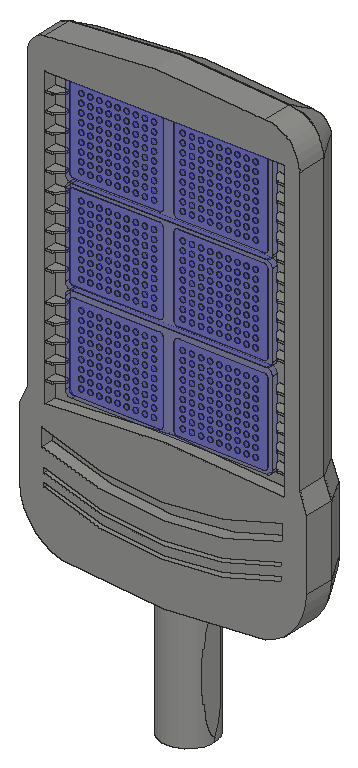
Revit family "VP-3-MAF", category Lighting Fixtures, host Face, Revit 2019
Family settings
  Host = Face
  Round Connector Dimension = Use Diameter
  Part Type = Normal
  OmniClass Number = 23.80.70.11.14.17
  OmniClass Title = Direct/Indirect
  Cut with Voids When Loaded = No
  Light Source = No
  Shared = Yes
  Room Calculation Point = No
Parameters (values of type "VP-3-MAF")
  Wattage Comments = "423 W"
  Warranty = "Five year warranty"  # constant formula
  Voltage = 120 V
  URL = "https://www.currentlighting.com/beacon"
  Type Comments = "Lighting Fixture"  # constant formula
  Product Page URL = "https://www.currentlighting.com/outdoor-lighting/viper-area-size-3/9606405"
  Product Documentation Link = "https://cdn.currentlighting.com/site/specsheet/BEA_VIPERSPEC.pdf"
  Power Factor = 0.9
  Name = "Viper Area Size 3"  # constant formula
  Model = "VP-3-MAF"
  Matt Grey = MATT GREY
  Matt Black = Matt Black
  Manufacturer = "Current Lighting"  # constant formula
  Load Classification = Lighting
  Light Output = 30846.00 cd/m²
  Lamp = "LED"  # constant formula
  Grey = Grey
  Glass = Glass
  Features = "Featuring two different optical technologies, Micro Strike and Strike Optics, which provide the best distribution patterns for retrofit or new construction\r\nVibration rated for high vibration applications including bridges and overpasses\r\nControl options including photo control, occupancy sensing, NX Lighting Controls, wiSCAPE and 7-Pin with networked controls\r\nMounting options include: Arm, Universal Arm, Adjustable Arm, Mast Arm, Decorative Arm, Knuckle, Trunnion, Wall\r\nDistribution options include: Auto Front Row, Type 2, Type 3, Type 4 Forward, Type 4 Wide, Type 5 Narrow, Type 5 Medium, Type 5 Wide, Type 5 Rectangular, Corner Optic, and Tennis Court\r\n\r\n"  # constant formula
  Copyright = "© 2022 Current Lighting"  # constant formula
  Cool Grey = Cool Grey
  Contact Us = "https://www.currentlighting.com/contact-us"
  Certification = "UL"  # constant formula
  Description = "The Viper is an extremely versatile area/site luminaire which blends design, performance, and technology for a variety of applications."  # constant formula
  Default Elevation = 48.00"
  Finish = Arctic White
  Matt White = Matt White
  CRI = "70"  # constant formula
  Brand = "Beacon"  # constant formula
  Assembly Code = "D5020200"
  Apparent Load = 423 VA
Reference planes (in)
  plane 1 "Center (Front/Back)": y = 6.16697
  plane 2: z = 0
  plane 3 "Center (Left/Right)": x = 0
  plane 4: z = 3.75
  plane 5: z = -4.44
  plane 6: x = -1.75
  plane 7: x = 1.75
  plane 8: y = 4.41697
  plane 9: y = 7.91697
  plane 10: z = 120
Lines and regions (in)
  reference lines
    curve 1: line (0, 14.42606, -3.25) -> (0, 17.42606, -0.25)
    curve 2: line (0, -2.09213, -3.25) -> (0, 14.42606, -3.25)
    curve 3: line (0, -5.09213, -0.25) -> (0, -2.09213, -3.25)
    curve 4: line (0, 14.42606, -3.25) -> (0, 17.42606, -0.25)
    curve 5: line (0, -5.09213, -0.25) -> (0, 17.42606, -0.25)
    curve 6: line (0, 17.17606, -0.77432) -> (0, 17.92606, -0.77432)
    curve 7: line (0, 17.17606, -1.52432) -> (0, 17.17606, -0.77432)
    curve 8: line (0, 16.69614, -1.52432) -> (0, 17.17606, -1.52432)
    curve 9: line (0, 14.92606, -4.25) -> (0, 16.69614, -1.52432)
    curve 10: line (0, -4.3622, -1.52432) -> (0, -2.59213, -4.25)
    curve 11: line (0, -4.84213, -1.52432) -> (0, -4.3622, -1.52432)
    curve 12: line (0, -4.84213, -0.77432) -> (0, -4.84213, -1.52432)
    curve 13: line (0, -5.59213, -0.77432) -> (0, -4.84213, -0.77432)
Dimensions and locks (in)
  plane 4 to plane 2 = 3.75"
  plane 8 to plane 9 = 3.50"
  equal spacing: plane 8, plane 1 "Center (Front/Back)", plane 9
  equal spacing: plane 6, plane 3 "Center (Left/Right)", plane 7
  plane 6 to plane 7 = 3.50"
  plane 10 to plane 2 = 120.00"
  aligned and locked: plane 2 to host face
  aligned and locked: level to host face
  aligned and locked: plane 3 "Center (Left/Right)" to nested 1
  aligned and locked: plane 1 "Center (Front/Back)" to nested 1
Automatic sketch dimensions
  host sketch curve to host sketch curve = 96.00"
  host sketch curve to host sketch curve = 85.00"
  curve 3 to level = 0.25"
  plane 8 to curve 3 = 9.50909"
  curve 3 to curve 12 = 0.25"
  curve 11 to curve 11 = 0.47992"
  curve 2 to plane 5 = 1.19"
  curve 10 to curve 2 = 2.27008"
  curve 1 to plane 9 = 6.50909"
  curve 9 to level = 1.52432"
  curve 1 to curve 9 = 2.27008"
  curve 8 to curve 8 = 0.47992"
  curve 6 to curve 4 = 0.25"
  curve 10 to curve 3 = 1.27432"
  curve 7 to curve 1 = 0.52432"
  curve 12 to curve 3 = 0.52432"
  curve 13 to curve 3 = 0.50"
  curve 10 to plane 5 = 0.19"
  curve 10 to curve 2 = 0.50"
  curve 9 to plane 5 = 0.19"
  curve 1 to curve 9 = 0.50"
  curve 1 to curve 6 = 0.50"
Nested families (in)
  nested 1: "SIZE3-MAF" at (0, 6.16697, 0), type "SIZE3-MAF"
Connectors (in)
  electrical at (0, 6.16697, 0)
    settings: on nested 1, index 1, voltage 0 V, apparent load 0 VA, apparent load phase1 0 VA, apparent load phase2 0 VA, apparent load phase3 0 VA, power factor 1, load classification "Other", number of poles 1, system type 30, power factor state 1, is connector primary yes, connector utility no, sub classification motor no, connector description ""
Definition of nested family "SIZE3-MAF"
  Parameters (values of type "SIZE3-MAF")
    Width = 16.11"
    Wattage = 423.2 W
    built-in parameter 1150110 = 1 (stored number, unit not read)
    built-in parameter 1114217 = 1 (stored number, unit not read)
    Tilt Angle = 160.00°
    built-in parameter 1150109 = 1 (stored number, unit not read)
    built-in parameter 1150134 = 3
    built-in parameter 1150113 = 1 (stored number, unit not read)
    Photometric Web File = "VP-3-480L-425-3K7-4W-BC.ies"
    Mount Length = 7.50"
    built-in parameter 1150105 = 2458.4 (stored number, unit not read)
    Lumens = 30893.6 lm
    built-in parameter 1150115 = 1 (stored number, unit not read)
    built-in parameter 1150137 = (empty or 0)
    built-in parameter 1150139 = (empty or 0)
    Length = 26.97"
    built-in parameter 1150112 = 1 (stored number, unit not read)
    built-in parameter 1150114 = 1 (stored number, unit not read)
    built-in parameter 1150132 = (empty or 0)
    built-in parameter 1150102 = (empty or 0)
    built-in parameter 1150107 = 3200 (stored number, unit not read)
    built-in parameter 1150138 = (empty or 0)
    built-in parameter 1150106 = 24.584 (stored number, unit not read)
    Glass = none
    Fixture = none
    built-in parameter 1150104 = 6.7819 (stored number, unit not read)
    Dimming Lamp Color Temperature Shift = (empty or 0)
    Default Elevation = 48.00"
    Color Filter = 16777215
    built-in parameter 1114218 = 1 (stored number, unit not read)
    built-in parameter 1150133 = 10 (stored number, unit not read)
  Reference planes (in)
    plane 1 "Center (Front/Back)": y = 0
    plane 2: z = 0
    plane 3 "Center (Left/Right)": x = 0
    plane 4: x = 8.055
    plane 5: x = -8.055
    plane 6: z = 7.5
    plane 7: z = 34.47
    plane 8: y = -1.74
    plane 9: y = 1.74
  Forms (in)
    Extrusion 1, solid
      sketch origin (0, 0, 0) x (1, 0, 0) y (0, 1, 0)
        loop
          line (-48, 48) -> (-48, -48) -> (48, -48) -> (48, 48) -> (-48, 48)
      from 0 to -12
    Extrusion 2, solid, material <- "Fixture"
      sketch origin (0, 0, 0) x (1, 0, 0) y (0, 0, 1)
        loop
          line (-7.77472, 15.72202) -> (-8.18, 14.67799) -> (-8.18, 10.64521)
          arc (-8.18, 10.64521) -> (-7.52407, 8.68733) -> (-5.82104, 7.51974) r 3.25
          arc (-5.82104, 7.51974) -> (0, 7.02866) -> (5.82104, 7.51974) r 34.74571
          arc (5.82104, 7.51974) -> (7.52407, 8.68733) -> (8.18, 10.64521) r 3.25
          line (8.18, 10.64521) -> (8.18, 14.67799) -> (7.7425, 15.80502) -> (7.7425, 32.05879)
          arc (7.7425, 32.05879) -> (7.16964, 33.45997) -> (5.77922, 34.05846) r 2
          arc (5.77922, 34.05846) -> (-0.48981, 34.44343) -> (-6.75192, 33.95884) r 45.36519
          arc (-6.75192, 33.95884) -> (-7.48558, 33.52919) -> (-7.77472, 32.72966) r 1.25
          line (-7.77472, 32.72966) -> (-7.77472, 15.72202)
      from 0 to 1.74
    Extrusion 3, void
      sketch origin (0, 0, 0) x (1, 0, 0) y (0, 0, 1)
        loop
          arc (-6.77608, 15.13973) -> (0.07705, 15.56709) -> (6.93, 15.13674) r 54.96889
          line (6.93, 15.13674) -> (6.93, 32.15182) -> (-6.77608, 32.15182) -> (-6.77608, 15.13973)
      from 1 to 1.75
    Extrusion 4, solid, material <- "Glass"
      sketch origin (0, 0, 0) x (1, 0, 0) y (0, 0, 1)
        loop
          arc (-5.55487, 32.15182) -> (-5.80236, 32.04931) -> (-5.90487, 31.80182) r 0.35
          line (-5.90487, 31.80182) -> (-5.90487, 27.00182)
          arc (-5.90487, 27.00182) -> (-5.80236, 26.75434) -> (-5.55487, 26.65182) r 0.35
          line (-5.55487, 26.65182) -> (5.55487, 26.65182)
          arc (5.55487, 26.65182) -> (5.80236, 26.75434) -> (5.90487, 27.00182) r 0.35
          line (5.90487, 27.00182) -> (5.90487, 31.80182)
          arc (5.90487, 31.80182) -> (5.80236, 32.04931) -> (5.55487, 32.15182) r 0.35
          line (5.55487, 32.15182) -> (-5.55487, 32.15182)
      from 1 to 1.35
    Extrusion 5, solid, material <- "Glass"
      sketch origin (0.75, 0, 0.125) x (1, 0, 0) y (0, 0, 1)
        loop
          circle (-5.72329, 31.32694) r 0.15
        loop
          circle (-5.20455, 31.32694) r 0.15
        loop
          circle (-4.6858, 31.32694) r 0.15
        loop
          circle (-4.16705, 31.32694) r 0.15
        loop
          circle (-3.6483, 31.32694) r 0.15
        loop
          circle (-3.12955, 31.32694) r 0.15
        loop
          circle (-2.6108, 31.32694) r 0.15
        loop
          circle (-2.09205, 31.32694) r 0.15
        loop
          circle (-1.57331, 31.32694) r 0.15
        loop
          circle (-5.72329, 30.82694) r 0.15
        loop
          circle (-5.20455, 30.82694) r 0.15
        loop
          circle (-4.6858, 30.82694) r 0.15
        loop
          circle (-4.16705, 30.82694) r 0.15
        loop
          circle (-3.6483, 30.82694) r 0.15
        loop
          circle (-3.12955, 30.82694) r 0.15
        loop
          circle (-2.6108, 30.82694) r 0.15
        loop
          circle (-2.09205, 30.82694) r 0.15
        loop
          circle (-1.57331, 30.82694) r 0.15
        loop
          circle (-5.72329, 30.32694) r 0.15
        loop
          circle (-5.20455, 30.32694) r 0.15
        loop
          circle (-4.6858, 30.32694) r 0.15
        loop
          circle (-4.16705, 30.32694) r 0.15
        loop
          circle (-3.6483, 30.32694) r 0.15
        loop
          circle (-3.12955, 30.32694) r 0.15
        loop
          circle (-2.6108, 30.32694) r 0.15
        loop
          circle (-2.09205, 30.32694) r 0.15
        loop
          circle (-1.57331, 30.32694) r 0.15
        loop
          circle (-5.72329, 29.82694) r 0.15
        loop
          circle (-5.20455, 29.82694) r 0.15
        loop
          circle (-4.6858, 29.82694) r 0.15
        loop
          circle (-4.16705, 29.82694) r 0.15
        loop
          circle (-3.6483, 29.82694) r 0.15
        loop
          circle (-3.12955, 29.82694) r 0.15
        loop
          circle (-2.6108, 29.82694) r 0.15
        loop
          circle (-2.09205, 29.82694) r 0.15
        loop
          circle (-1.57331, 29.82694) r 0.15
        loop
          circle (-5.72329, 29.32694) r 0.15
        loop
          circle (-5.20455, 29.32694) r 0.15
        loop
          circle (-4.6858, 29.32694) r 0.15
        loop
          circle (-4.16705, 29.32694) r 0.15
        loop
          circle (-3.6483, 29.32694) r 0.15
        loop
          circle (-3.12955, 29.32694) r 0.15
        loop
          circle (-2.6108, 29.32694) r 0.15
        loop
          circle (-2.09205, 29.32694) r 0.15
        loop
          circle (-1.57331, 29.32694) r 0.15
        loop
          circle (-5.72329, 28.82694) r 0.15
        loop
          circle (-5.20455, 28.82694) r 0.15
        loop
          circle (-4.6858, 28.82694) r 0.15
        loop
          circle (-4.16705, 28.82694) r 0.15
        loop
          circle (-3.6483, 28.82694) r 0.15
        loop
          circle (-3.12955, 28.82694) r 0.15
        loop
          circle (-2.6108, 28.82694) r 0.15
        loop
          circle (-2.09205, 28.82694) r 0.15
        loop
          circle (-1.57331, 28.82694) r 0.15
        loop
          circle (-5.72329, 28.32694) r 0.15
        loop
          circle (-5.20455, 28.32694) r 0.15
        loop
          circle (-4.6858, 28.32694) r 0.15
        loop
          circle (-4.16705, 28.32694) r 0.15
        loop
          circle (-3.6483, 28.32694) r 0.15
        loop
          circle (-3.12955, 28.32694) r 0.15
        loop
          circle (-2.6108, 28.32694) r 0.15
        loop
          circle (-2.09205, 28.32694) r 0.15
        loop
          circle (-1.57331, 28.32694) r 0.15
        loop
          circle (-5.72329, 27.82694) r 0.15
        loop
          circle (-5.20455, 27.82694) r 0.15
        loop
          circle (-4.6858, 27.82694) r 0.15
        loop
          circle (-4.16705, 27.82694) r 0.15
        loop
          circle (-3.6483, 27.82694) r 0.15
        loop
          circle (-3.12955, 27.82694) r 0.15
        loop
          circle (-2.6108, 27.82694) r 0.15
        loop
          circle (-2.09205, 27.82694) r 0.15
        loop
          circle (-1.57331, 27.82694) r 0.15
        loop
          circle (-5.72329, 27.32694) r 0.15
        loop
          circle (-5.20455, 27.32694) r 0.15
        loop
          circle (-4.6858, 27.32694) r 0.15
        loop
          circle (-4.16705, 27.32694) r 0.15
        loop
          circle (-3.6483, 27.32694) r 0.15
        loop
          circle (-3.12955, 27.32694) r 0.15
        loop
          circle (-2.6108, 27.32694) r 0.15
        loop
          circle (-2.09205, 27.32694) r 0.15
        loop
          circle (-1.57331, 27.32694) r 0.15
      from 1.35 to 1.4
    Extrusion 6, solid, material <- "Glass"
      sketch origin (0, 0, 0.125) x (1, 0, 0) y (0, 0, 1)
        loop
          arc (-5.41155, 31.8309) -> (-5.58833, 31.75768) -> (-5.66155, 31.5809) r 0.25
          line (-5.66155, 31.5809) -> (-5.66155, 27.0809)
          arc (-5.66155, 27.0809) -> (-5.58833, 26.90412) -> (-5.41155, 26.8309) r 0.25
          line (-5.41155, 26.8309) -> (-0.54655, 26.8309)
          arc (-0.54655, 26.8309) -> (-0.36977, 26.90412) -> (-0.29655, 27.0809) r 0.25
          line (-0.29655, 27.0809) -> (-0.29655, 31.5809)
          arc (-0.29655, 31.5809) -> (-0.36977, 31.75768) -> (-0.54655, 31.8309) r 0.25
          line (-0.54655, 31.8309) -> (-5.41155, 31.8309)
      from 1.35 to 1.37213
    Extrusion 7, solid, material <- "Fixture"
      sketch origin (0.125, 0, 12.5) x (1, 0, 0) y (0, 1, 0)
        loop
          line (5.93193, -1) -> (5.93193, -1.20146)
          arc (5.93193, -1.20146) -> (5.93867, -1.23973) -> (5.95811, -1.27339) r 0.1119
          line (5.95811, -1.27339) -> (6.31867, -1.70309)
          arc (6.31867, -1.70309) -> (6.34664, -1.72455) -> (6.38107, -1.73219) r 0.08147
          line (6.38107, -1.73219) -> (6.805, -1.73219) -> (6.805, -1) -> (5.93193, -1)
      from 18.55 to 18.65
    Extrusion 8, solid, material <- "Glass"
      sketch origin (-0.75, 0, 0.125) x (-1, 0, 0) y (0, 0, -1)
        loop
          circle (-5.72329, -31.32694) r 0.15
        loop
          circle (-5.20455, -31.32694) r 0.15
        loop
          circle (-4.6858, -31.32694) r 0.15
        loop
          circle (-4.16705, -31.32694) r 0.15
        loop
          circle (-3.6483, -31.32694) r 0.15
        loop
          circle (-3.12955, -31.32694) r 0.15
        loop
          circle (-2.6108, -31.32694) r 0.15
        loop
          circle (-2.09205, -31.32694) r 0.15
        loop
          circle (-1.57331, -31.32694) r 0.15
        loop
          circle (-5.72329, -30.82694) r 0.15
        loop
          circle (-5.20455, -30.82694) r 0.15
        loop
          circle (-4.6858, -30.82694) r 0.15
        loop
          circle (-4.16705, -30.82694) r 0.15
        loop
          circle (-3.6483, -30.82694) r 0.15
        loop
          circle (-3.12955, -30.82694) r 0.15
        loop
          circle (-2.6108, -30.82694) r 0.15
        loop
          circle (-2.09205, -30.82694) r 0.15
        loop
          circle (-1.57331, -30.82694) r 0.15
        loop
          circle (-5.72329, -30.32694) r 0.15
        loop
          circle (-5.20455, -30.32694) r 0.15
        loop
          circle (-4.6858, -30.32694) r 0.15
        loop
          circle (-4.16705, -30.32694) r 0.15
        loop
          circle (-3.6483, -30.32694) r 0.15
        loop
          circle (-3.12955, -30.32694) r 0.15
        loop
          circle (-2.6108, -30.32694) r 0.15
        loop
          circle (-2.09205, -30.32694) r 0.15
        loop
          circle (-1.57331, -30.32694) r 0.15
        loop
          circle (-5.72329, -29.82694) r 0.15
        loop
          circle (-5.20455, -29.82694) r 0.15
        loop
          circle (-4.6858, -29.82694) r 0.15
        loop
          circle (-4.16705, -29.82694) r 0.15
        loop
          circle (-3.6483, -29.82694) r 0.15
        loop
          circle (-3.12955, -29.82694) r 0.15
        loop
          circle (-2.6108, -29.82694) r 0.15
        loop
          circle (-2.09205, -29.82694) r 0.15
        loop
          circle (-1.57331, -29.82694) r 0.15
        loop
          circle (-5.72329, -29.32694) r 0.15
        loop
          circle (-5.20455, -29.32694) r 0.15
        loop
          circle (-4.6858, -29.32694) r 0.15
        loop
          circle (-4.16705, -29.32694) r 0.15
        loop
          circle (-3.6483, -29.32694) r 0.15
        loop
          circle (-3.12955, -29.32694) r 0.15
        loop
          circle (-2.6108, -29.32694) r 0.15
        loop
          circle (-2.09205, -29.32694) r 0.15
        loop
          circle (-1.57331, -29.32694) r 0.15
        loop
          circle (-5.72329, -28.82694) r 0.15
        loop
          circle (-5.20455, -28.82694) r 0.15
        loop
          circle (-4.6858, -28.82694) r 0.15
        loop
          circle (-4.16705, -28.82694) r 0.15
        loop
          circle (-3.6483, -28.82694) r 0.15
        loop
          circle (-3.12955, -28.82694) r 0.15
        loop
          circle (-2.6108, -28.82694) r 0.15
        loop
          circle (-2.09205, -28.82694) r 0.15
        loop
          circle (-1.57331, -28.82694) r 0.15
        loop
          circle (-5.72329, -28.32694) r 0.15
        loop
          circle (-5.20455, -28.32694) r 0.15
        loop
          circle (-4.6858, -28.32694) r 0.15
        loop
          circle (-4.16705, -28.32694) r 0.15
        loop
          circle (-3.6483, -28.32694) r 0.15
        loop
          circle (-3.12955, -28.32694) r 0.15
        loop
          circle (-2.6108, -28.32694) r 0.15
        loop
          circle (-2.09205, -28.32694) r 0.15
        loop
          circle (-1.57331, -28.32694) r 0.15
        loop
          circle (-5.72329, -27.82694) r 0.15
        loop
          circle (-5.20455, -27.82694) r 0.15
        loop
          circle (-4.6858, -27.82694) r 0.15
        loop
          circle (-4.16705, -27.82694) r 0.15
        loop
          circle (-3.6483, -27.82694) r 0.15
        loop
          circle (-3.12955, -27.82694) r 0.15
        loop
          circle (-2.6108, -27.82694) r 0.15
        loop
          circle (-2.09205, -27.82694) r 0.15
        loop
          circle (-1.57331, -27.82694) r 0.15
        loop
          circle (-5.72329, -27.32694) r 0.15
        loop
          circle (-5.20455, -27.32694) r 0.15
        loop
          circle (-4.6858, -27.32694) r 0.15
        loop
          circle (-4.16705, -27.32694) r 0.15
        loop
          circle (-3.6483, -27.32694) r 0.15
        loop
          circle (-3.12955, -27.32694) r 0.15
        loop
          circle (-2.6108, -27.32694) r 0.15
        loop
          circle (-2.09205, -27.32694) r 0.15
        loop
          circle (-1.57331, -27.32694) r 0.15
      from 1.35 to 1.4
    Extrusion 9, solid, material <- "Glass"
      sketch origin (0, 0, 0.125) x (-1, 0, 0) y (0, 0, -1)
        loop
          line (-5.41155, -31.8309) -> (-0.54655, -31.8309)
          arc (-0.54655, -31.8309) -> (-0.36977, -31.75768) -> (-0.29655, -31.5809) r 0.25
          line (-0.29655, -31.5809) -> (-0.29655, -27.0809)
          arc (-0.29655, -27.0809) -> (-0.36977, -26.90412) -> (-0.54655, -26.8309) r 0.25
          line (-0.54655, -26.8309) -> (-5.41155, -26.8309)
          arc (-5.41155, -26.8309) -> (-5.58833, -26.90412) -> (-5.66155, -27.0809) r 0.25
          line (-5.66155, -27.0809) -> (-5.66155, -31.5809)
          arc (-5.66155, -31.5809) -> (-5.58833, -31.75768) -> (-5.41155, -31.8309) r 0.25
      from 1.35 to 1.37213
    Extrusion 10, solid, material <- "Glass"
      sketch origin (0, 0, -5.25) x (1, 0, 0) y (0, 0, 1)
        loop
          arc (-5.55487, 31.90182) -> (-5.80236, 31.79931) -> (-5.90487, 31.55182) r 0.35
          line (-5.90487, 31.55182) -> (-5.90487, 26.75182)
          arc (-5.90487, 26.75182) -> (-5.80236, 26.50434) -> (-5.55487, 26.40182) r 0.35
          line (-5.55487, 26.40182) -> (5.55487, 26.40182)
          arc (5.55487, 26.40182) -> (5.80236, 26.50434) -> (5.90487, 26.75182) r 0.35
          line (5.90487, 26.75182) -> (5.90487, 31.55182)
          arc (5.90487, 31.55182) -> (5.80236, 31.79931) -> (5.55487, 31.90182) r 0.35
          line (5.55487, 31.90182) -> (-5.55487, 31.90182)
      from 1 to 1.35
    Extrusion 11, solid, material <- "Glass"
      sketch origin (0.75, 0, -5.375) x (1, 0, 0) y (0, 0, 1)
        loop
          circle (-5.72329, 31.32694) r 0.15
        loop
          circle (-5.20455, 31.32694) r 0.15
        loop
          circle (-4.6858, 31.32694) r 0.15
        loop
          circle (-4.16705, 31.32694) r 0.15
        loop
          circle (-3.6483, 31.32694) r 0.15
        loop
          circle (-3.12955, 31.32694) r 0.15
        loop
          circle (-2.6108, 31.32694) r 0.15
        loop
          circle (-2.09205, 31.32694) r 0.15
        loop
          circle (-1.57331, 31.32694) r 0.15
        loop
          circle (-5.72329, 30.82694) r 0.15
        loop
          circle (-5.20455, 30.82694) r 0.15
        loop
          circle (-4.6858, 30.82694) r 0.15
        loop
          circle (-4.16705, 30.82694) r 0.15
        loop
          circle (-3.6483, 30.82694) r 0.15
        loop
          circle (-3.12955, 30.82694) r 0.15
        loop
          circle (-2.6108, 30.82694) r 0.15
        loop
          circle (-2.09205, 30.82694) r 0.15
        loop
          circle (-1.57331, 30.82694) r 0.15
        loop
          circle (-5.72329, 30.32694) r 0.15
        loop
          circle (-5.20455, 30.32694) r 0.15
        loop
          circle (-4.6858, 30.32694) r 0.15
        loop
          circle (-4.16705, 30.32694) r 0.15
        loop
          circle (-3.6483, 30.32694) r 0.15
        loop
          circle (-3.12955, 30.32694) r 0.15
        loop
          circle (-2.6108, 30.32694) r 0.15
        loop
          circle (-2.09205, 30.32694) r 0.15
        loop
          circle (-1.57331, 30.32694) r 0.15
        loop
          circle (-5.72329, 29.82694) r 0.15
        loop
          circle (-5.20455, 29.82694) r 0.15
        loop
          circle (-4.6858, 29.82694) r 0.15
        loop
          circle (-4.16705, 29.82694) r 0.15
        loop
          circle (-3.6483, 29.82694) r 0.15
        loop
          circle (-3.12955, 29.82694) r 0.15
        loop
          circle (-2.6108, 29.82694) r 0.15
        loop
          circle (-2.09205, 29.82694) r 0.15
        loop
          circle (-1.57331, 29.82694) r 0.15
        loop
          circle (-5.72329, 29.32694) r 0.15
        loop
          circle (-5.20455, 29.32694) r 0.15
        loop
          circle (-4.6858, 29.32694) r 0.15
        loop
          circle (-4.16705, 29.32694) r 0.15
        loop
          circle (-3.6483, 29.32694) r 0.15
        loop
          circle (-3.12955, 29.32694) r 0.15
        loop
          circle (-2.6108, 29.32694) r 0.15
        loop
          circle (-2.09205, 29.32694) r 0.15
        loop
          circle (-1.57331, 29.32694) r 0.15
        loop
          circle (-5.72329, 28.82694) r 0.15
        loop
          circle (-5.20455, 28.82694) r 0.15
        loop
          circle (-4.6858, 28.82694) r 0.15
        loop
          circle (-4.16705, 28.82694) r 0.15
        loop
          circle (-3.6483, 28.82694) r 0.15
        loop
          circle (-3.12955, 28.82694) r 0.15
        loop
          circle (-2.6108, 28.82694) r 0.15
        loop
          circle (-2.09205, 28.82694) r 0.15
        loop
          circle (-1.57331, 28.82694) r 0.15
        loop
          circle (-5.72329, 28.32694) r 0.15
        loop
          circle (-5.20455, 28.32694) r 0.15
        loop
          circle (-4.6858, 28.32694) r 0.15
        loop
          circle (-4.16705, 28.32694) r 0.15
        loop
          circle (-3.6483, 28.32694) r 0.15
        loop
          circle (-3.12955, 28.32694) r 0.15
        loop
          circle (-2.6108, 28.32694) r 0.15
        loop
          circle (-2.09205, 28.32694) r 0.15
        loop
          circle (-1.57331, 28.32694) r 0.15
        loop
          circle (-5.72329, 27.82694) r 0.15
        loop
          circle (-5.20455, 27.82694) r 0.15
        loop
          circle (-4.6858, 27.82694) r 0.15
        loop
          circle (-4.16705, 27.82694) r 0.15
        loop
          circle (-3.6483, 27.82694) r 0.15
        loop
          circle (-3.12955, 27.82694) r 0.15
        loop
          circle (-2.6108, 27.82694) r 0.15
        loop
          circle (-2.09205, 27.82694) r 0.15
        loop
          circle (-1.57331, 27.82694) r 0.15
        loop
          circle (-5.72329, 27.32694) r 0.15
        loop
          circle (-5.20455, 27.32694) r 0.15
        loop
          circle (-4.6858, 27.32694) r 0.15
        loop
          circle (-4.16705, 27.32694) r 0.15
        loop
          circle (-3.6483, 27.32694) r 0.15
        loop
          circle (-3.12955, 27.32694) r 0.15
        loop
          circle (-2.6108, 27.32694) r 0.15
        loop
          circle (-2.09205, 27.32694) r 0.15
        loop
          circle (-1.57331, 27.32694) r 0.15
      from 1.35 to 1.4
    Extrusion 12, solid, material <- "Glass"
      sketch origin (0, 0, -5.375) x (1, 0, 0) y (0, 0, 1)
        loop
          arc (-5.41155, 31.8309) -> (-5.58833, 31.75768) -> (-5.66155, 31.5809) r 0.25
          line (-5.66155, 31.5809) -> (-5.66155, 27.0809)
          arc (-5.66155, 27.0809) -> (-5.58833, 26.90412) -> (-5.41155, 26.8309) r 0.25
          line (-5.41155, 26.8309) -> (-0.54655, 26.8309)
          arc (-0.54655, 26.8309) -> (-0.36977, 26.90412) -> (-0.29655, 27.0809) r 0.25
          line (-0.29655, 27.0809) -> (-0.29655, 31.5809)
          arc (-0.29655, 31.5809) -> (-0.36977, 31.75768) -> (-0.54655, 31.8309) r 0.25
          line (-0.54655, 31.8309) -> (-5.41155, 31.8309)
      from 1.35 to 1.37213
    Extrusion 13, solid, material <- "Glass"
      sketch origin (-0.75, 0, -5.375) x (-1, 0, 0) y (0, 0, -1)
        loop
          circle (-5.72329, -31.32694) r 0.15
        loop
          circle (-5.20455, -31.32694) r 0.15
        loop
          circle (-4.6858, -31.32694) r 0.15
        loop
          circle (-4.16705, -31.32694) r 0.15
        loop
          circle (-3.6483, -31.32694) r 0.15
        loop
          circle (-3.12955, -31.32694) r 0.15
        loop
          circle (-2.6108, -31.32694) r 0.15
        loop
          circle (-2.09205, -31.32694) r 0.15
        loop
          circle (-1.57331, -31.32694) r 0.15
        loop
          circle (-5.72329, -30.82694) r 0.15
        loop
          circle (-5.20455, -30.82694) r 0.15
        loop
          circle (-4.6858, -30.82694) r 0.15
        loop
          circle (-4.16705, -30.82694) r 0.15
        loop
          circle (-3.6483, -30.82694) r 0.15
        loop
          circle (-3.12955, -30.82694) r 0.15
        loop
          circle (-2.6108, -30.82694) r 0.15
        loop
          circle (-2.09205, -30.82694) r 0.15
        loop
          circle (-1.57331, -30.82694) r 0.15
        loop
          circle (-5.72329, -30.32694) r 0.15
        loop
          circle (-5.20455, -30.32694) r 0.15
        loop
          circle (-4.6858, -30.32694) r 0.15
        loop
          circle (-4.16705, -30.32694) r 0.15
        loop
          circle (-3.6483, -30.32694) r 0.15
        loop
          circle (-3.12955, -30.32694) r 0.15
        loop
          circle (-2.6108, -30.32694) r 0.15
        loop
          circle (-2.09205, -30.32694) r 0.15
        loop
          circle (-1.57331, -30.32694) r 0.15
        loop
          circle (-5.72329, -29.82694) r 0.15
        loop
          circle (-5.20455, -29.82694) r 0.15
        loop
          circle (-4.6858, -29.82694) r 0.15
        loop
          circle (-4.16705, -29.82694) r 0.15
        loop
          circle (-3.6483, -29.82694) r 0.15
        loop
          circle (-3.12955, -29.82694) r 0.15
        loop
          circle (-2.6108, -29.82694) r 0.15
        loop
          circle (-2.09205, -29.82694) r 0.15
        loop
          circle (-1.57331, -29.82694) r 0.15
        loop
          circle (-5.72329, -29.32694) r 0.15
        loop
          circle (-5.20455, -29.32694) r 0.15
        loop
          circle (-4.6858, -29.32694) r 0.15
        loop
          circle (-4.16705, -29.32694) r 0.15
        loop
          circle (-3.6483, -29.32694) r 0.15
        loop
          circle (-3.12955, -29.32694) r 0.15
        loop
          circle (-2.6108, -29.32694) r 0.15
        loop
          circle (-2.09205, -29.32694) r 0.15
        loop
          circle (-1.57331, -29.32694) r 0.15
        loop
          circle (-5.72329, -28.82694) r 0.15
        loop
          circle (-5.20455, -28.82694) r 0.15
        loop
          circle (-4.6858, -28.82694) r 0.15
        loop
          circle (-4.16705, -28.82694) r 0.15
        loop
          circle (-3.6483, -28.82694) r 0.15
        loop
          circle (-3.12955, -28.82694) r 0.15
        loop
          circle (-2.6108, -28.82694) r 0.15
        loop
          circle (-2.09205, -28.82694) r 0.15
        loop
          circle (-1.57331, -28.82694) r 0.15
        loop
          circle (-5.72329, -28.32694) r 0.15
        loop
          circle (-5.20455, -28.32694) r 0.15
        loop
          circle (-4.6858, -28.32694) r 0.15
        loop
          circle (-4.16705, -28.32694) r 0.15
        loop
          circle (-3.6483, -28.32694) r 0.15
        loop
          circle (-3.12955, -28.32694) r 0.15
        loop
          circle (-2.6108, -28.32694) r 0.15
        loop
          circle (-2.09205, -28.32694) r 0.15
        loop
          circle (-1.57331, -28.32694) r 0.15
        loop
          circle (-5.72329, -27.82694) r 0.15
        loop
          circle (-5.20455, -27.82694) r 0.15
        loop
          circle (-4.6858, -27.82694) r 0.15
        loop
          circle (-4.16705, -27.82694) r 0.15
        loop
          circle (-3.6483, -27.82694) r 0.15
        loop
          circle (-3.12955, -27.82694) r 0.15
        loop
          circle (-2.6108, -27.82694) r 0.15
        loop
          circle (-2.09205, -27.82694) r 0.15
        loop
          circle (-1.57331, -27.82694) r 0.15
        loop
          circle (-5.72329, -27.32694) r 0.15
        loop
          circle (-5.20455, -27.32694) r 0.15
        loop
          circle (-4.6858, -27.32694) r 0.15
        loop
          circle (-4.16705, -27.32694) r 0.15
        loop
          circle (-3.6483, -27.32694) r 0.15
        loop
          circle (-3.12955, -27.32694) r 0.15
        loop
          circle (-2.6108, -27.32694) r 0.15
        loop
          circle (-2.09205, -27.32694) r 0.15
        loop
          circle (-1.57331, -27.32694) r 0.15
      from 1.35 to 1.4
    Extrusion 14, solid, material <- "Glass"
      sketch origin (0, 0, -5.375) x (-1, 0, 0) y (0, 0, -1)
        loop
          line (-5.41155, -31.8309) -> (-0.54655, -31.8309)
          arc (-0.54655, -31.8309) -> (-0.36977, -31.75768) -> (-0.29655, -31.5809) r 0.25
          line (-0.29655, -31.5809) -> (-0.29655, -27.0809)
          arc (-0.29655, -27.0809) -> (-0.36977, -26.90412) -> (-0.54655, -26.8309) r 0.25
          line (-0.54655, -26.8309) -> (-5.41155, -26.8309)
          arc (-5.41155, -26.8309) -> (-5.58833, -26.90412) -> (-5.66155, -27.0809) r 0.25
          line (-5.66155, -27.0809) -> (-5.66155, -31.5809)
          arc (-5.66155, -31.5809) -> (-5.58833, -31.75768) -> (-5.41155, -31.8309) r 0.25
      from 1.35 to 1.37213
    Extrusion 15, solid, material <- "Glass"
      sketch origin (0, 0, 47.80365) x (1, 0, 0) y (0, 0, 1)
        loop
          line (-5.55487, -32.15182) -> (5.55487, -32.15182)
          arc (5.55487, -32.15182) -> (5.80236, -32.04931) -> (5.90487, -31.80182) r 0.35
          line (5.90487, -31.80182) -> (5.90487, -27.00182)
          arc (5.90487, -27.00182) -> (5.80236, -26.75434) -> (5.55487, -26.65182) r 0.35
          line (5.55487, -26.65182) -> (-5.55487, -26.65182)
          arc (-5.55487, -26.65182) -> (-5.80236, -26.75434) -> (-5.90487, -27.00182) r 0.35
          line (-5.90487, -27.00182) -> (-5.90487, -31.80182)
          arc (-5.90487, -31.80182) -> (-5.80236, -32.04931) -> (-5.55487, -32.15182) r 0.35
      from 1 to 1.35
    Extrusion 16, solid, material <- "Glass"
      sketch origin (0.75, 0, 47.67865) x (1, 0, 0) y (0, 0, 1)
        loop
          circle (-5.72329, -31.32694) r 0.15
        loop
          circle (-5.20455, -31.32694) r 0.15
        loop
          circle (-4.6858, -31.32694) r 0.15
        loop
          circle (-4.16705, -31.32694) r 0.15
        loop
          circle (-3.6483, -31.32694) r 0.15
        loop
          circle (-3.12955, -31.32694) r 0.15
        loop
          circle (-2.6108, -31.32694) r 0.15
        loop
          circle (-2.09205, -31.32694) r 0.15
        loop
          circle (-1.57331, -31.32694) r 0.15
        loop
          circle (-5.72329, -30.82694) r 0.15
        loop
          circle (-5.20455, -30.82694) r 0.15
        loop
          circle (-4.6858, -30.82694) r 0.15
        loop
          circle (-4.16705, -30.82694) r 0.15
        loop
          circle (-3.6483, -30.82694) r 0.15
        loop
          circle (-3.12955, -30.82694) r 0.15
        loop
          circle (-2.6108, -30.82694) r 0.15
        loop
          circle (-2.09205, -30.82694) r 0.15
        loop
          circle (-1.57331, -30.82694) r 0.15
        loop
          circle (-5.72329, -30.32694) r 0.15
        loop
          circle (-5.20455, -30.32694) r 0.15
        loop
          circle (-4.6858, -30.32694) r 0.15
        loop
          circle (-4.16705, -30.32694) r 0.15
        loop
          circle (-3.6483, -30.32694) r 0.15
        loop
          circle (-3.12955, -30.32694) r 0.15
        loop
          circle (-2.6108, -30.32694) r 0.15
        loop
          circle (-2.09205, -30.32694) r 0.15
        loop
          circle (-1.57331, -30.32694) r 0.15
        loop
          circle (-5.72329, -29.82694) r 0.15
        loop
          circle (-5.20455, -29.82694) r 0.15
        loop
          circle (-4.6858, -29.82694) r 0.15
        loop
          circle (-4.16705, -29.82694) r 0.15
        loop
          circle (-3.6483, -29.82694) r 0.15
        loop
          circle (-3.12955, -29.82694) r 0.15
        loop
          circle (-2.6108, -29.82694) r 0.15
        loop
          circle (-2.09205, -29.82694) r 0.15
        loop
          circle (-1.57331, -29.82694) r 0.15
        loop
          circle (-5.72329, -29.32694) r 0.15
        loop
          circle (-5.20455, -29.32694) r 0.15
        loop
          circle (-4.6858, -29.32694) r 0.15
        loop
          circle (-4.16705, -29.32694) r 0.15
        loop
          circle (-3.6483, -29.32694) r 0.15
        loop
          circle (-3.12955, -29.32694) r 0.15
        loop
          circle (-2.6108, -29.32694) r 0.15
        loop
          circle (-2.09205, -29.32694) r 0.15
        loop
          circle (-1.57331, -29.32694) r 0.15
        loop
          circle (-5.72329, -28.82694) r 0.15
        loop
          circle (-5.20455, -28.82694) r 0.15
        loop
          circle (-4.6858, -28.82694) r 0.15
        loop
          circle (-4.16705, -28.82694) r 0.15
        loop
          circle (-3.6483, -28.82694) r 0.15
        loop
          circle (-3.12955, -28.82694) r 0.15
        loop
          circle (-2.6108, -28.82694) r 0.15
        loop
          circle (-2.09205, -28.82694) r 0.15
        loop
          circle (-1.57331, -28.82694) r 0.15
        loop
          circle (-5.72329, -28.32694) r 0.15
        loop
          circle (-5.20455, -28.32694) r 0.15
        loop
          circle (-4.6858, -28.32694) r 0.15
        loop
          circle (-4.16705, -28.32694) r 0.15
        loop
          circle (-3.6483, -28.32694) r 0.15
        loop
          circle (-3.12955, -28.32694) r 0.15
        loop
          circle (-2.6108, -28.32694) r 0.15
        loop
          circle (-2.09205, -28.32694) r 0.15
        loop
          circle (-1.57331, -28.32694) r 0.15
        loop
          circle (-5.72329, -27.82694) r 0.15
        loop
          circle (-5.20455, -27.82694) r 0.15
        loop
          circle (-4.6858, -27.82694) r 0.15
        loop
          circle (-4.16705, -27.82694) r 0.15
        loop
          circle (-3.6483, -27.82694) r 0.15
        loop
          circle (-3.12955, -27.82694) r 0.15
        loop
          circle (-2.6108, -27.82694) r 0.15
        loop
          circle (-2.09205, -27.82694) r 0.15
        loop
          circle (-1.57331, -27.82694) r 0.15
        loop
          circle (-5.72329, -27.32694) r 0.15
        loop
          circle (-5.20455, -27.32694) r 0.15
        loop
          circle (-4.6858, -27.32694) r 0.15
        loop
          circle (-4.16705, -27.32694) r 0.15
        loop
          circle (-3.6483, -27.32694) r 0.15
        loop
          circle (-3.12955, -27.32694) r 0.15
        loop
          circle (-2.6108, -27.32694) r 0.15
        loop
          circle (-2.09205, -27.32694) r 0.15
        loop
          circle (-1.57331, -27.32694) r 0.15
      from 1.35 to 1.4
    Extrusion 17, solid, material <- "Glass"
      sketch origin (0, 0, 47.67865) x (1, 0, 0) y (0, 0, 1)
        loop
          line (-5.41155, -31.8309) -> (-0.54655, -31.8309)
          arc (-0.54655, -31.8309) -> (-0.36977, -31.75768) -> (-0.29655, -31.5809) r 0.25
          line (-0.29655, -31.5809) -> (-0.29655, -27.0809)
          arc (-0.29655, -27.0809) -> (-0.36977, -26.90412) -> (-0.54655, -26.8309) r 0.25
          line (-0.54655, -26.8309) -> (-5.41155, -26.8309)
          arc (-5.41155, -26.8309) -> (-5.58833, -26.90412) -> (-5.66155, -27.0809) r 0.25
          line (-5.66155, -27.0809) -> (-5.66155, -31.5809)
          arc (-5.66155, -31.5809) -> (-5.58833, -31.75768) -> (-5.41155, -31.8309) r 0.25
      from 1.35 to 1.37213
    Extrusion 18, solid, material <- "Glass"
      sketch origin (-0.75, 0, 47.67865) x (-1, 0, 0) y (0, 0, -1)
        loop
          circle (-5.72329, 31.32694) r 0.15
        loop
          circle (-5.20455, 31.32694) r 0.15
        loop
          circle (-4.6858, 31.32694) r 0.15
        loop
          circle (-4.16705, 31.32694) r 0.15
        loop
          circle (-3.6483, 31.32694) r 0.15
        loop
          circle (-3.12955, 31.32694) r 0.15
        loop
          circle (-2.6108, 31.32694) r 0.15
        loop
          circle (-2.09205, 31.32694) r 0.15
        loop
          circle (-1.57331, 31.32694) r 0.15
        loop
          circle (-5.72329, 30.82694) r 0.15
        loop
          circle (-5.20455, 30.82694) r 0.15
        loop
          circle (-4.6858, 30.82694) r 0.15
        loop
          circle (-4.16705, 30.82694) r 0.15
        loop
          circle (-3.6483, 30.82694) r 0.15
        loop
          circle (-3.12955, 30.82694) r 0.15
        loop
          circle (-2.6108, 30.82694) r 0.15
        loop
          circle (-2.09205, 30.82694) r 0.15
        loop
          circle (-1.57331, 30.82694) r 0.15
        loop
          circle (-5.72329, 30.32694) r 0.15
        loop
          circle (-5.20455, 30.32694) r 0.15
        loop
          circle (-4.6858, 30.32694) r 0.15
        loop
          circle (-4.16705, 30.32694) r 0.15
        loop
          circle (-3.6483, 30.32694) r 0.15
        loop
          circle (-3.12955, 30.32694) r 0.15
        loop
          circle (-2.6108, 30.32694) r 0.15
        loop
          circle (-2.09205, 30.32694) r 0.15
        loop
          circle (-1.57331, 30.32694) r 0.15
        loop
          circle (-5.72329, 29.82694) r 0.15
        loop
          circle (-5.20455, 29.82694) r 0.15
        loop
          circle (-4.6858, 29.82694) r 0.15
        loop
          circle (-4.16705, 29.82694) r 0.15
        loop
          circle (-3.6483, 29.82694) r 0.15
        loop
          circle (-3.12955, 29.82694) r 0.15
        loop
          circle (-2.6108, 29.82694) r 0.15
        loop
          circle (-2.09205, 29.82694) r 0.15
        loop
          circle (-1.57331, 29.82694) r 0.15
        loop
          circle (-5.72329, 29.32694) r 0.15
        loop
          circle (-5.20455, 29.32694) r 0.15
        loop
          circle (-4.6858, 29.32694) r 0.15
        loop
          circle (-4.16705, 29.32694) r 0.15
        loop
          circle (-3.6483, 29.32694) r 0.15
        loop
          circle (-3.12955, 29.32694) r 0.15
        loop
          circle (-2.6108, 29.32694) r 0.15
        loop
          circle (-2.09205, 29.32694) r 0.15
        loop
          circle (-1.57331, 29.32694) r 0.15
        loop
          circle (-5.72329, 28.82694) r 0.15
        loop
          circle (-5.20455, 28.82694) r 0.15
        loop
          circle (-4.6858, 28.82694) r 0.15
        loop
          circle (-4.16705, 28.82694) r 0.15
        loop
          circle (-3.6483, 28.82694) r 0.15
        loop
          circle (-3.12955, 28.82694) r 0.15
        loop
          circle (-2.6108, 28.82694) r 0.15
        loop
          circle (-2.09205, 28.82694) r 0.15
        loop
          circle (-1.57331, 28.82694) r 0.15
        loop
          circle (-5.72329, 28.32694) r 0.15
        loop
          circle (-5.20455, 28.32694) r 0.15
        loop
          circle (-4.6858, 28.32694) r 0.15
        loop
          circle (-4.16705, 28.32694) r 0.15
        loop
          circle (-3.6483, 28.32694) r 0.15
        loop
          circle (-3.12955, 28.32694) r 0.15
        loop
          circle (-2.6108, 28.32694) r 0.15
        loop
          circle (-2.09205, 28.32694) r 0.15
        loop
          circle (-1.57331, 28.32694) r 0.15
        loop
          circle (-5.72329, 27.82694) r 0.15
        loop
          circle (-5.20455, 27.82694) r 0.15
        loop
          circle (-4.6858, 27.82694) r 0.15
        loop
          circle (-4.16705, 27.82694) r 0.15
        loop
          circle (-3.6483, 27.82694) r 0.15
        loop
          circle (-3.12955, 27.82694) r 0.15
        loop
          circle (-2.6108, 27.82694) r 0.15
        loop
          circle (-2.09205, 27.82694) r 0.15
        loop
          circle (-1.57331, 27.82694) r 0.15
        loop
          circle (-5.72329, 27.32694) r 0.15
        loop
          circle (-5.20455, 27.32694) r 0.15
        loop
          circle (-4.6858, 27.32694) r 0.15
        loop
          circle (-4.16705, 27.32694) r 0.15
        loop
          circle (-3.6483, 27.32694) r 0.15
        loop
          circle (-3.12955, 27.32694) r 0.15
        loop
          circle (-2.6108, 27.32694) r 0.15
        loop
          circle (-2.09205, 27.32694) r 0.15
        loop
          circle (-1.57331, 27.32694) r 0.15
      from 1.35 to 1.4
    Extrusion 19, solid, material <- "Glass"
      sketch origin (0, 0, 47.67865) x (-1, 0, 0) y (0, 0, -1)
        loop
          arc (-5.41155, 31.8309) -> (-5.58833, 31.75768) -> (-5.66155, 31.5809) r 0.25
          line (-5.66155, 31.5809) -> (-5.66155, 27.0809)
          arc (-5.66155, 27.0809) -> (-5.58833, 26.90412) -> (-5.41155, 26.8309) r 0.25
          line (-5.41155, 26.8309) -> (-0.54655, 26.8309)
          arc (-0.54655, 26.8309) -> (-0.36977, 26.90412) -> (-0.29655, 27.0809) r 0.25
          line (-0.29655, 27.0809) -> (-0.29655, 31.5809)
          arc (-0.29655, 31.5809) -> (-0.36977, 31.75768) -> (-0.54655, 31.8309) r 0.25
          line (-0.54655, 31.8309) -> (-5.41155, 31.8309)
      from 1.35 to 1.37213
    Extrusion 20, solid, material <- "Fixture"
      sketch origin (0.125, 0, 11.49818) x (1, 0, 0) y (0, 1, 0)
        loop
          line (5.93193, -1) -> (5.93193, -1.20146)
          arc (5.93193, -1.20146) -> (5.93867, -1.23973) -> (5.95811, -1.27339) r 0.1119
          line (5.95811, -1.27339) -> (6.31867, -1.70309)
          arc (6.31867, -1.70309) -> (6.34664, -1.72455) -> (6.38107, -1.73219) r 0.08147
          line (6.38107, -1.73219) -> (6.805, -1.73219) -> (6.805, -1) -> (5.93193, -1)
      from 18.55 to 18.65
    Extrusion 21, solid, material <- "Fixture"
      sketch origin (0.125, 0, 10.49635) x (1, 0, 0) y (0, 1, 0)
        loop
          line (5.93193, -1) -> (5.93193, -1.20146)
          arc (5.93193, -1.20146) -> (5.93867, -1.23973) -> (5.95811, -1.27339) r 0.1119
          line (5.95811, -1.27339) -> (6.31867, -1.70309)
          arc (6.31867, -1.70309) -> (6.34664, -1.72455) -> (6.38107, -1.73219) r 0.08147
          line (6.38107, -1.73219) -> (6.805, -1.73219) -> (6.805, -1) -> (5.93193, -1)
      from 18.55 to 18.65
    Extrusion 22, solid, material <- "Fixture"
      sketch origin (0.125, 0, 9.49453) x (1, 0, 0) y (0, 1, 0)
        loop
          line (5.93193, -1) -> (5.93193, -1.20146)
          arc (5.93193, -1.20146) -> (5.93867, -1.23973) -> (5.95811, -1.27339) r 0.1119
          line (5.95811, -1.27339) -> (6.31867, -1.70309)
          arc (6.31867, -1.70309) -> (6.34664, -1.72455) -> (6.38107, -1.73219) r 0.08147
          line (6.38107, -1.73219) -> (6.805, -1.73219) -> (6.805, -1) -> (5.93193, -1)
      from 18.55 to 18.65
    Extrusion 23, solid, material <- "Fixture"
      sketch origin (0.125, 0, 8.49453) x (1, 0, 0) y (0, 1, 0)
        loop
          line (5.93193, -1) -> (5.93193, -1.20146)
          arc (5.93193, -1.20146) -> (5.93867, -1.23973) -> (5.95811, -1.27339) r 0.1119
          line (5.95811, -1.27339) -> (6.31867, -1.70309)
          arc (6.31867, -1.70309) -> (6.34664, -1.72455) -> (6.38107, -1.73219) r 0.08147
          line (6.38107, -1.73219) -> (6.805, -1.73219) -> (6.805, -1) -> (5.93193, -1)
      from 18.55 to 18.65
    Extrusion 24, solid, material <- "Fixture"
      sketch origin (0.125, 0, 7.4375) x (1, 0, 0) y (0, 1, 0)
        loop
          line (5.93193, -1) -> (5.93193, -1.20146)
          arc (5.93193, -1.20146) -> (5.93867, -1.23973) -> (5.95811, -1.27339) r 0.1119
          line (5.95811, -1.27339) -> (6.31867, -1.70309)
          arc (6.31867, -1.70309) -> (6.34664, -1.72455) -> (6.38107, -1.73219) r 0.08147
          line (6.38107, -1.73219) -> (6.805, -1.73219) -> (6.805, -1) -> (5.93193, -1)
      from 18.55 to 18.65
    Extrusion 25, solid, material <- "Fixture"
      sketch origin (0.125, 0, 6.43568) x (1, 0, 0) y (0, 1, 0)
        loop
          line (5.93193, -1) -> (5.93193, -1.20146)
          arc (5.93193, -1.20146) -> (5.93867, -1.23973) -> (5.95811, -1.27339) r 0.1119
          line (5.95811, -1.27339) -> (6.31867, -1.70309)
          arc (6.31867, -1.70309) -> (6.34664, -1.72455) -> (6.38107, -1.73219) r 0.08147
          line (6.38107, -1.73219) -> (6.805, -1.73219) -> (6.805, -1) -> (5.93193, -1)
      from 18.55 to 18.65
    Extrusion 26, solid, material <- "Fixture"
      sketch origin (0.125, 0, 5.43385) x (1, 0, 0) y (0, 1, 0)
        loop
          line (5.93193, -1) -> (5.93193, -1.20146)
          arc (5.93193, -1.20146) -> (5.93867, -1.23973) -> (5.95811, -1.27339) r 0.1119
          line (5.95811, -1.27339) -> (6.31867, -1.70309)
          arc (6.31867, -1.70309) -> (6.34664, -1.72455) -> (6.38107, -1.73219) r 0.08147
          line (6.38107, -1.73219) -> (6.805, -1.73219) -> (6.805, -1) -> (5.93193, -1)
      from 18.55 to 18.65
    Extrusion 27, solid, material <- "Fixture"
      sketch origin (0.125, 0, 4.43203) x (1, 0, 0) y (0, 1, 0)
        loop
          line (5.93193, -1) -> (5.93193, -1.20146)
          arc (5.93193, -1.20146) -> (5.93867, -1.23973) -> (5.95811, -1.27339) r 0.1119
          line (5.95811, -1.27339) -> (6.31867, -1.70309)
          arc (6.31867, -1.70309) -> (6.34664, -1.72455) -> (6.38107, -1.73219) r 0.08147
          line (6.38107, -1.73219) -> (6.805, -1.73219) -> (6.805, -1) -> (5.93193, -1)
      from 18.55 to 18.65
    Extrusion 28, solid, material <- "Fixture"
      sketch origin (0.125, 0, 3.43203) x (1, 0, 0) y (0, 1, 0)
        loop
          line (5.93193, -1) -> (5.93193, -1.20146)
          arc (5.93193, -1.20146) -> (5.93867, -1.23973) -> (5.95811, -1.27339) r 0.1119
          line (5.95811, -1.27339) -> (6.31867, -1.70309)
          arc (6.31867, -1.70309) -> (6.34664, -1.72455) -> (6.38107, -1.73219) r 0.08147
          line (6.38107, -1.73219) -> (6.805, -1.73219) -> (6.805, -1) -> (5.93193, -1)
      from 18.55 to 18.65
    Extrusion 29, solid, material <- "Fixture"
      sketch origin (0.125, 0, 1.75) x (1, 0, 0) y (0, 1, 0)
        loop
          line (5.93193, -1) -> (5.93193, -1.20146)
          arc (5.93193, -1.20146) -> (5.93867, -1.23973) -> (5.95811, -1.27339) r 0.1119
          line (5.95811, -1.27339) -> (6.31867, -1.70309)
          arc (6.31867, -1.70309) -> (6.34664, -1.72455) -> (6.38107, -1.73219) r 0.08147
          line (6.38107, -1.73219) -> (6.805, -1.73219) -> (6.805, -1) -> (5.93193, -1)
      from 18.55 to 18.65
    Extrusion 30, solid, material <- "Fixture"
      sketch origin (0.125, 0, 0.74818) x (1, 0, 0) y (0, 1, 0)
        loop
          line (5.93193, -1) -> (5.93193, -1.20146)
          arc (5.93193, -1.20146) -> (5.93867, -1.23973) -> (5.95811, -1.27339) r 0.1119
          line (5.95811, -1.27339) -> (6.31867, -1.70309)
          arc (6.31867, -1.70309) -> (6.34664, -1.72455) -> (6.38107, -1.73219) r 0.08147
          line (6.38107, -1.73219) -> (6.805, -1.73219) -> (6.805, -1) -> (5.93193, -1)
      from 18.55 to 18.65
    Extrusion 31, solid, material <- "Fixture"
      sketch origin (0.125, 0, -0.25365) x (1, 0, 0) y (0, 1, 0)
        loop
          line (5.93193, -1) -> (5.93193, -1.20146)
          arc (5.93193, -1.20146) -> (5.93867, -1.23973) -> (5.95811, -1.27339) r 0.1119
          line (5.95811, -1.27339) -> (6.31867, -1.70309)
          arc (6.31867, -1.70309) -> (6.34664, -1.72455) -> (6.38107, -1.73219) r 0.08147
          line (6.38107, -1.73219) -> (6.805, -1.73219) -> (6.805, -1) -> (5.93193, -1)
      from 18.55 to 18.65
    Extrusion 32, solid, material <- "Fixture"
      sketch origin (0.125, 0, -1.25547) x (1, 0, 0) y (0, 1, 0)
        loop
          line (5.93193, -1) -> (5.93193, -1.20146)
          arc (5.93193, -1.20146) -> (5.93867, -1.23973) -> (5.95811, -1.27339) r 0.1119
          line (5.95811, -1.27339) -> (6.31867, -1.70309)
          arc (6.31867, -1.70309) -> (6.34664, -1.72455) -> (6.38107, -1.73219) r 0.08147
          line (6.38107, -1.73219) -> (6.805, -1.73219) -> (6.805, -1) -> (5.93193, -1)
      from 18.55 to 18.65
    Extrusion 33, solid, material <- "Fixture"
      sketch origin (0.125, 0, -2.25547) x (1, 0, 0) y (0, 1, 0)
        loop
          line (5.93193, -1) -> (5.93193, -1.20146)
          arc (5.93193, -1.20146) -> (5.93867, -1.23973) -> (5.95811, -1.27339) r 0.1119
          line (5.95811, -1.27339) -> (6.31867, -1.70309)
          arc (6.31867, -1.70309) -> (6.34664, -1.72455) -> (6.38107, -1.73219) r 0.08147
          line (6.38107, -1.73219) -> (6.805, -1.73219) -> (6.805, -1) -> (5.93193, -1)
      from 18.55 to 18.65
    Extrusion 34, solid, material <- "Fixture"
      sketch origin (0.01562, 0, 12.5) x (-1, 0, 0) y (0, -1, 0)
        loop
          line (5.93193, 1) -> (6.805, 1) -> (6.805, 1.73219) -> (6.38107, 1.73219)
          arc (6.38107, 1.73219) -> (6.34664, 1.72455) -> (6.31867, 1.70309) r 0.08147
          line (6.31867, 1.70309) -> (5.95811, 1.27339)
          arc (5.95811, 1.27339) -> (5.93867, 1.23973) -> (5.93193, 1.20146) r 0.1119
          line (5.93193, 1.20146) -> (5.93193, 1)
      from 18.55 to 18.65
    Extrusion 35, solid, material <- "Fixture"
      sketch origin (0.01562, 0, 11.49818) x (-1, 0, 0) y (0, -1, 0)
        loop
          line (5.93193, 1) -> (6.805, 1) -> (6.805, 1.73219) -> (6.38107, 1.73219)
          arc (6.38107, 1.73219) -> (6.34664, 1.72455) -> (6.31867, 1.70309) r 0.08147
          line (6.31867, 1.70309) -> (5.95811, 1.27339)
          arc (5.95811, 1.27339) -> (5.93867, 1.23973) -> (5.93193, 1.20146) r 0.1119
          line (5.93193, 1.20146) -> (5.93193, 1)
      from 18.55 to 18.65
    Extrusion 36, solid, material <- "Fixture"
      sketch origin (0.01562, 0, 10.49635) x (-1, 0, 0) y (0, -1, 0)
        loop
          line (5.93193, 1) -> (6.805, 1) -> (6.805, 1.73219) -> (6.38107, 1.73219)
          arc (6.38107, 1.73219) -> (6.34664, 1.72455) -> (6.31867, 1.70309) r 0.08147
          line (6.31867, 1.70309) -> (5.95811, 1.27339)
          arc (5.95811, 1.27339) -> (5.93867, 1.23973) -> (5.93193, 1.20146) r 0.1119
          line (5.93193, 1.20146) -> (5.93193, 1)
      from 18.55 to 18.65
    Extrusion 37, solid, material <- "Fixture"
      sketch origin (0.01562, 0, 9.49453) x (-1, 0, 0) y (0, -1, 0)
        loop
          line (5.93193, 1) -> (6.805, 1) -> (6.805, 1.73219) -> (6.38107, 1.73219)
          arc (6.38107, 1.73219) -> (6.34664, 1.72455) -> (6.31867, 1.70309) r 0.08147
          line (6.31867, 1.70309) -> (5.95811, 1.27339)
          arc (5.95811, 1.27339) -> (5.93867, 1.23973) -> (5.93193, 1.20146) r 0.1119
          line (5.93193, 1.20146) -> (5.93193, 1)
      from 18.55 to 18.65
    Extrusion 38, solid, material <- "Fixture"
      sketch origin (0.01562, 0, 8.49453) x (-1, 0, 0) y (0, -1, 0)
        loop
          line (5.93193, 1) -> (6.805, 1) -> (6.805, 1.73219) -> (6.38107, 1.73219)
          arc (6.38107, 1.73219) -> (6.34664, 1.72455) -> (6.31867, 1.70309) r 0.08147
          line (6.31867, 1.70309) -> (5.95811, 1.27339)
          arc (5.95811, 1.27339) -> (5.93867, 1.23973) -> (5.93193, 1.20146) r 0.1119
          line (5.93193, 1.20146) -> (5.93193, 1)
      from 18.55 to 18.65
    Extrusion 39, solid, material <- "Fixture"
      sketch origin (0.01562, 0, 7.4375) x (-1, 0, 0) y (0, -1, 0)
        loop
          line (5.93193, 1) -> (6.805, 1) -> (6.805, 1.73219) -> (6.38107, 1.73219)
          arc (6.38107, 1.73219) -> (6.34664, 1.72455) -> (6.31867, 1.70309) r 0.08147
          line (6.31867, 1.70309) -> (5.95811, 1.27339)
          arc (5.95811, 1.27339) -> (5.93867, 1.23973) -> (5.93193, 1.20146) r 0.1119
          line (5.93193, 1.20146) -> (5.93193, 1)
      from 18.55 to 18.65
    Extrusion 40, solid, material <- "Fixture"
      sketch origin (0.01562, 0, 6.43568) x (-1, 0, 0) y (0, -1, 0)
        loop
          line (5.93193, 1) -> (6.805, 1) -> (6.805, 1.73219) -> (6.38107, 1.73219)
          arc (6.38107, 1.73219) -> (6.34664, 1.72455) -> (6.31867, 1.70309) r 0.08147
          line (6.31867, 1.70309) -> (5.95811, 1.27339)
          arc (5.95811, 1.27339) -> (5.93867, 1.23973) -> (5.93193, 1.20146) r 0.1119
          line (5.93193, 1.20146) -> (5.93193, 1)
      from 18.55 to 18.65
    Extrusion 41, solid, material <- "Fixture"
      sketch origin (0.01562, 0, 5.43385) x (-1, 0, 0) y (0, -1, 0)
        loop
          line (5.93193, 1) -> (6.805, 1) -> (6.805, 1.73219) -> (6.38107, 1.73219)
          arc (6.38107, 1.73219) -> (6.34664, 1.72455) -> (6.31867, 1.70309) r 0.08147
          line (6.31867, 1.70309) -> (5.95811, 1.27339)
          arc (5.95811, 1.27339) -> (5.93867, 1.23973) -> (5.93193, 1.20146) r 0.1119
          line (5.93193, 1.20146) -> (5.93193, 1)
      from 18.55 to 18.65
    Extrusion 42, solid, material <- "Fixture"
      sketch origin (0.01562, 0, 4.43203) x (-1, 0, 0) y (0, -1, 0)
        loop
          line (5.93193, 1) -> (6.805, 1) -> (6.805, 1.73219) -> (6.38107, 1.73219)
          arc (6.38107, 1.73219) -> (6.34664, 1.72455) -> (6.31867, 1.70309) r 0.08147
          line (6.31867, 1.70309) -> (5.95811, 1.27339)
          arc (5.95811, 1.27339) -> (5.93867, 1.23973) -> (5.93193, 1.20146) r 0.1119
          line (5.93193, 1.20146) -> (5.93193, 1)
      from 18.55 to 18.65
    Extrusion 43, solid, material <- "Fixture"
      sketch origin (0.01562, 0, 3.43203) x (-1, 0, 0) y (0, -1, 0)
        loop
          line (5.93193, 1) -> (6.805, 1) -> (6.805, 1.73219) -> (6.38107, 1.73219)
          arc (6.38107, 1.73219) -> (6.34664, 1.72455) -> (6.31867, 1.70309) r 0.08147
          line (6.31867, 1.70309) -> (5.95811, 1.27339)
          arc (5.95811, 1.27339) -> (5.93867, 1.23973) -> (5.93193, 1.20146) r 0.1119
          line (5.93193, 1.20146) -> (5.93193, 1)
      from 18.55 to 18.65
    Extrusion 44, solid, material <- "Fixture"
      sketch origin (0.01562, 0, 1.75) x (-1, 0, 0) y (0, -1, 0)
        loop
          line (5.93193, 1) -> (6.805, 1) -> (6.805, 1.73219) -> (6.38107, 1.73219)
          arc (6.38107, 1.73219) -> (6.34664, 1.72455) -> (6.31867, 1.70309) r 0.08147
          line (6.31867, 1.70309) -> (5.95811, 1.27339)
          arc (5.95811, 1.27339) -> (5.93867, 1.23973) -> (5.93193, 1.20146) r 0.1119
          line (5.93193, 1.20146) -> (5.93193, 1)
      from 18.55 to 18.65
    Extrusion 45, solid, material <- "Fixture"
      sketch origin (0.01562, 0, 0.74818) x (-1, 0, 0) y (0, -1, 0)
        loop
          line (5.93193, 1) -> (6.805, 1) -> (6.805, 1.73219) -> (6.38107, 1.73219)
          arc (6.38107, 1.73219) -> (6.34664, 1.72455) -> (6.31867, 1.70309) r 0.08147
          line (6.31867, 1.70309) -> (5.95811, 1.27339)
          arc (5.95811, 1.27339) -> (5.93867, 1.23973) -> (5.93193, 1.20146) r 0.1119
          line (5.93193, 1.20146) -> (5.93193, 1)
      from 18.55 to 18.65
    Extrusion 46, solid, material <- "Fixture"
      sketch origin (0.01562, 0, -0.25365) x (-1, 0, 0) y (0, -1, 0)
        loop
          line (5.93193, 1) -> (6.805, 1) -> (6.805, 1.73219) -> (6.38107, 1.73219)
          arc (6.38107, 1.73219) -> (6.34664, 1.72455) -> (6.31867, 1.70309) r 0.08147
          line (6.31867, 1.70309) -> (5.95811, 1.27339)
          arc (5.95811, 1.27339) -> (5.93867, 1.23973) -> (5.93193, 1.20146) r 0.1119
          line (5.93193, 1.20146) -> (5.93193, 1)
      from 18.55 to 18.65
    Extrusion 47, solid, material <- "Fixture"
      sketch origin (0.01562, 0, -1.25547) x (-1, 0, 0) y (0, -1, 0)
        loop
          line (5.93193, 1) -> (6.805, 1) -> (6.805, 1.73219) -> (6.38107, 1.73219)
          arc (6.38107, 1.73219) -> (6.34664, 1.72455) -> (6.31867, 1.70309) r 0.08147
          line (6.31867, 1.70309) -> (5.95811, 1.27339)
          arc (5.95811, 1.27339) -> (5.93867, 1.23973) -> (5.93193, 1.20146) r 0.1119
          line (5.93193, 1.20146) -> (5.93193, 1)
      from 18.55 to 18.65
    Extrusion 48, solid, material <- "Fixture"
      sketch origin (0.01562, 0, -2.25547) x (-1, 0, 0) y (0, -1, 0)
        loop
          line (5.93193, 1) -> (6.805, 1) -> (6.805, 1.73219) -> (6.38107, 1.73219)
          arc (6.38107, 1.73219) -> (6.34664, 1.72455) -> (6.31867, 1.70309) r 0.08147
          line (6.31867, 1.70309) -> (5.95811, 1.27339)
          arc (5.95811, 1.27339) -> (5.93867, 1.23973) -> (5.93193, 1.20146) r 0.1119
          line (5.93193, 1.20146) -> (5.93193, 1)
      from 18.55 to 18.65
    Extrusion 49, void
      sketch origin (0, 0, 3.625) x (1, 0, 0) y (0, 0, 1)
        loop
          line (-6.94707, 10.26622) -> (-6.94707, 9.26622)
          arc (-6.94707, 9.26622) -> (-0.07108, 7.88597) -> (6.815, 9.21501) r 18.15382
          line (6.815, 9.21501) -> (6.815, 10.21501)
          arc (6.815, 10.21501) -> (-0.07108, 8.88597) -> (-6.94707, 10.26622) r 18.15382
        loop
          line (-6.85535, 8.24972) -> (-6.85535, 7.97854)
          arc (-6.85535, 7.97854) -> (-0.06712, 6.63595) -> (6.73035, 7.93095) r 18.15382
          line (6.73035, 7.93095) -> (6.73035, 8.20243)
          arc (6.73035, 8.20243) -> (-0.06706, 6.91477) -> (-6.85535, 8.24972) r 18.25
        loop
          line (-6.85535, 7.49972) -> (-6.85535, 7.22854)
          arc (-6.85535, 7.22854) -> (-0.06712, 5.88595) -> (6.73035, 7.18095) r 18.15382
          line (6.73035, 7.18095) -> (6.73035, 7.45243)
